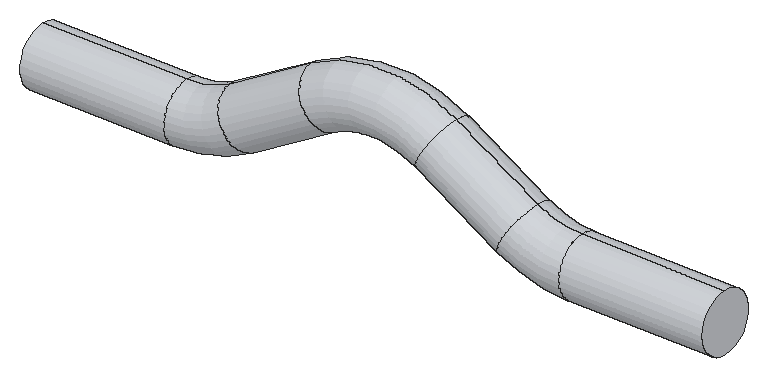
Revit family "RN 55086 Optipress-Therm-Überbogen", category Rohrformteile, Revit 2019
Family settings
  Bemaßung runder Anschluss = Durchmesser verwenden
  Teiletyp = Bogen
  OmniClass-Nummer = 23.60.30.11.14
  OmniClass-Titel = Pipework Fittings
  Arbeitsebenenbasiert = Nein
  Immer vertikal = Ja
  Beim Laden mit Abzugskörper schneiden = Nein
  Gemeinsam genutzt = Nein
Parameters (values of type "Var")
  product_index [instance] = size_lookup(RN_tab, "pi", 0, DN1, A)  # 4
  Winkel [instance] = 30.000°  # constant formula
  VdS [instance] = size_lookup(RN_tab, "VdS", 0, DN1, A)  # 1
  Typenkommentare = "Optipress-Therm-Überbogen Var"
  RN_tab = "RN_55086"  # constant formula
  RN_VdS [instance] = VdS = 1  # yes
  RN_Serie [instance] = "Optipress therm"  # constant formula
  RN_NPK [instance] = size_lookup(RN_tab, "NPK", 0, DN1, A)  # 252.715
  RN_Mat = Stahl 1.0034
  RN_Manufactur = "R. Nussbaum AG"  # constant formula
  RN_LOD [instance] = "LOD 400"  # constant formula
  RN_EAN [instance] = 0
  RN_Description [instance] = if(product_index = 1, "Optipress therm Überbogen DN12", if(product_index = 2, "Optipress therm Überbogen DN15", if(product_index = 3, "Optipress therm Überbogen DN20", if(product_index = 4, "Optipress therm Überbogen DN25", "0"))))  # "Optipress therm Überbogen DN25"
  RN_DN1 [instance] = 25 mm
  RN_Articlenumber [instance] = size_lookup(RN_tab, "ArtNr", 0, DN1, A)  # 55086.25
  L1r [instance] = if(or(L1 rechts = L1, L1 rechts < L1), L1 rechts, L1)  # 0.000 mm
  L1l [instance] = if(or(L1 links = L1, L1 links < L1), L1 links, L1)  # 0.000 mm
  L1 rechts [instance] = 0.000 mm
  L1 links [instance] = 0.000 mm
  L1 [instance] = size_lookup(RN_tab, "L1", 0.000 mm, DN1, A)  # 42.000 mm
  Ht [instance] = H - (Ds1 / 2)  # 38.000 mm
  H [instance] = size_lookup(RN_tab, "H", 0.000 mm, DN1, A)  # 52.000 mm
  L [instance] = size_lookup(RN_tab, "L", 0.000 mm, DN1, A)  # 332.000 mm
  Lh [instance] = L / 2  # 166.000 mm
  URL = "https://www.nussbaum.ch/de/r/optipress-therm-92.html"
  R [instance] = size_lookup(RN_tab, "R", 0.000 mm, DN1, A)  # 56.620 mm
  Modell = "55086.25"
  Hersteller = RN_Manufactur  # "R. Nussbaum AG"
  L2 [instance] = size_lookup(RN_tab, "L2", 0.000 mm, DN1, A)  # 84.500 mm
  IFCExportType = "BEND"  # constant formula
  IFCExportAs = "IfcPipeFitting"  # constant formula
  Ds1 [instance] = size_lookup(RN_tab, "Ds1", 0 mm, DN1, A)  # 28 mm
  DN1 [instance] = size_lookup("RN_DN", "DN", size_lookup("RN_Inch", "DN", 0.000 mm, RN_DN1), RN_DN1)  # 25.000 mm
  Beschreibung = "Überbogen"
  A [instance] = Winkel  # 30.000°
Reference planes
  plane 1 "Center (Front/Back)": y = 0
  plane 2: z = 0
  plane 3 "Center (Left/Right)": x = 0
  plane 4: x = 332
  plane 5: x = 166
  plane 6: x = 0
  plane 7: x = 332
Forms (mm)
  Sweep 1, solid
    path in 3D
      loop
        line (0, 0, 0) -> (69.84, 0, 0)
        arc (69.84, 0, 0) -> (84.494, 0, 1.929) -> (98.15, 0, 7.586) r 56.62
        line (98.15, 0, 7.586) -> (137.69, 0, 30.414)
        arc (137.69, 0, 30.414) -> (166, 0, 38) -> (194.31, 0, 30.414) r 56.62
        line (194.31, 0, 30.414) -> (233.85, 0, 7.586)
        arc (233.85, 0, 7.586) -> (247.506, 0, 1.929) -> (262.16, 0, 0) r 56.62
        line (262.16, 0, 0) -> (332, 0, 0)
    profile origin (34.92, 0, 0) x (0, 0, 1) y (0, -1, 0)
      loop
        circle (0, 0) r 14
Lines and regions (mm)
  model lines, style "Fittings"
    curve 1: line (98.15, 0, 7.586) -> (137.69, 0, 30.414)
    curve 2: line (194.31, 0, 30.414) -> (233.85, 0, 7.586)
  reference lines
    curve 3: line (0, 0, 7.5) -> (0, 0, -7.5)
  model lines
    curve 4: arc (69.84, 0, 0) -> (84.494, 0, 1.929) -> (98.15, 0, 7.586) r 56.62
    curve 5: line (0, 0, 0) -> (69.84, 0, 0)
    curve 6: line (332, 0, 0) -> (262.16, 0, 0)
    curve 7: arc (233.85, 0, 7.586) -> (247.506, 0, 1.929) -> (262.16, 0, 0) r 56.62
    curve 8: arc (137.69, 0, 30.414) -> (166, 0, 38) -> (194.31, 0, 30.414) r 56.62
  sketch lines
    curve 9: line (0, 0, 0) -> (69.84, 0, 0)
    curve 10: arc (69.84, 0, 0) -> (84.494, 0, 1.929) -> (98.15, 0, 7.586) r 56.62
    curve 11: line (98.15, 0, 7.586) -> (137.69, 0, 30.414)
    curve 12: arc (137.69, 0, 30.414) -> (166, 0, 38) -> (194.31, 0, 30.414) r 56.62
    curve 13: line (194.31, 0, 30.414) -> (233.85, 0, 7.586)
    curve 14: arc (233.85, 0, 7.586) -> (247.506, 0, 1.929) -> (262.16, 0, 0) r 56.62
    curve 15: line (332, 0, 0) -> (262.16, 0, 0)
Dimensions and locks
  "Lh": plane 5 to plane 3 "Center (Left/Right)"
  "Lh": plane 4 to plane 5
  "L1l": plane 3 "Center (Left/Right)" to plane 6
  "L1r": plane 7 to plane 4
  "L": plane 4 to plane 3 "Center (Left/Right)"
  "Ht": curve 8 to level
  "R": radius of curve 4
  "R": radius of curve 7
  "R": radius of curve 8
  "Ds1": diameter of Sweep 1 sketch curve
  "A": angle level to curve 1
  "A": angle curve 2 to level
  aligned and locked: level to plane 2
  aligned and locked: curve 3 to plane 3 "Center (Left/Right)"
  aligned and locked: curve 5 to level
  aligned and locked: plane 6 to curve 5
  aligned and locked: plane 5 to curve 8
  aligned and locked: plane 7 to curve 6
Automatic sketch dimensions
  curve 3 to level = 7.500 mm
  level to curve 3 = 7.500 mm
  curve 6 to level = 0.000 mm
  profile plane to Sweep 1 sketch curve = 0.000 mm
  Sweep 1 sketch curve to profile plane = 0.000 mm
Connectors
  piping at (332, 0, 0), diameter 25, driven by "DN1"
    settings: on Sweep 1, index 1, connector inside diameter 609.6 mm, connector length 0.000 mm, flow factor 0, pipe flow 0.0 L/s, pressure drop 0.0 Pa, fitting loss kfactor 0, connector angle 0.000°, fixture units 0, engagement length 0.000 mm, angle of deflection 0.000°, flow configuration 0, flow direction 0, fitting loss method 0, system type 28, joint type 0, gender type 0, connector reference index -1, connector utility 0, adjustable connector no, is connector primary yes, connector description ""
  piping at (0, 0, 0), diameter 25, driven by "DN1"
    settings: on Sweep 1, index 2, connector inside diameter 609.6 mm, connector length 0.000 mm, flow factor 0, pipe flow 0.0 L/s, pressure drop 0.0 Pa, fitting loss kfactor 0, connector angle 0.000°, fixture units 0, engagement length 0.000 mm, angle of deflection 0.000°, flow configuration 0, flow direction 0, fitting loss method 0, system type 28, joint type 0, gender type 0, connector reference index -1, connector utility 0, adjustable connector no, is connector primary no, connector description ""
